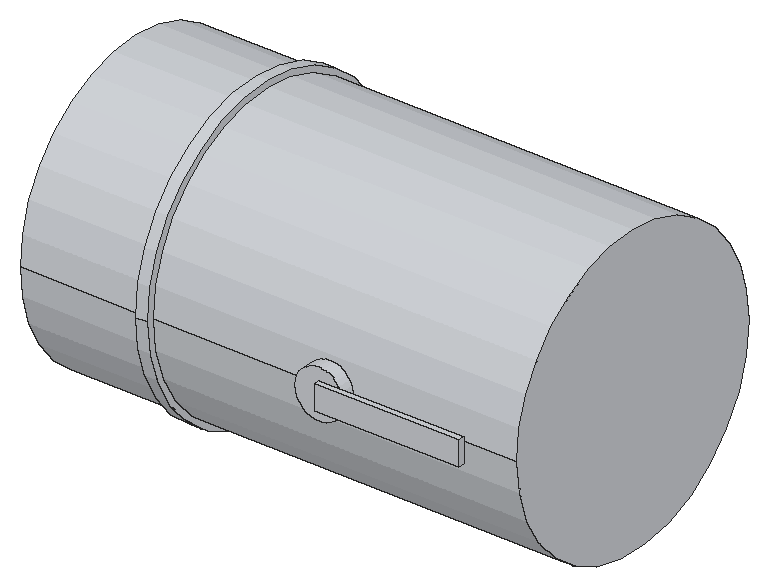
Revit family "1fe51097d43f478eba77d59183cfdf99", category Duct Fittings, Revit 2021
Family settings
  Round Connector Dimension = Use Radius
  Part Type = Tap - Adjustable
  OmniClass Number = 23.75.70.14
  OmniClass Title = Air Ductwork
  Seek Item ID = Round Takeoff with Damper-0000-USA-ENU
  Work Plane-Based = No
  Always vertical = Yes
  Cut with Voids When Loaded = No
  Shared = No
Parameters (values of type "Standard")
  built-in parameter 1114214 [instance] = 0' - 5"
  built-in parameter 1114213 [instance] = 1' - 3 5/8"
  built-in parameter 1114215 [instance] = if(Duct Diameter > 1' 4", Duct Diameter, 1' 3 5/8")  # 1.3021 (stored number, unit not read)
  Radius 2 [instance] = Handle Width  # 1"
  Radius 1 [instance] = Duct Radius + 0' 0 1/4"  # 6 1/4"
  Length 3 [instance] = Length 2 + Handle Height  # 6 3/4"
  Length 2 [instance] = Length 1 + Duct Radius  # 6 1/2"
  Length 1 [instance] = 1/2"
  Handle Width [instance] = 1"
  Handle Length [instance] = 6"
  Handle Height [instance] = 1/4"
  Stop Bead Thickness [instance] = 1/2"
  Stop Bead Radius [instance] = Duct Radius + Stop Bead Extension  # 6 1/4"
  Stop Bead Extension [instance] = 1/4"
  Duct Radius [instance] = 6"
  Duct Length 1 [instance] = Duct Radius + 0' 3"  # 9"
  Duct Diameter [instance] = Duct Radius * 2  # 12"
  Default Elevation = 0' - 0"
Reference planes (in)
  plane 1 "Center (Front/Back)": y = 0
  plane 2: z = 0
  plane 3 "Center (Left/Right)": x = 0
  plane 4: x = 15.625
  plane 5: x = -5
  plane 6: x = 7.8125
  plane 7: y = -6.75
Forms (in)
  Extrusion 1, solid, detail levels medium+fine
    sketch origin (0, 0, 0) x (0, 1, 0) y (0, 0, 1)
      loop
        circle (0, 0) r 6
    from 0 to 15.625
  Extrusion 2, solid, detail levels medium+fine
    sketch origin (-5, 62.97128, 48) x (0, 1, 0) y (0, 0, 1)
      loop
        circle (-62.97128, -48) r 6
    from 0 to 5
  Extrusion 3, solid, detail levels medium+fine
    sketch origin (0, 0, 0) x (0, 1, 0) y (0, 0, 1)
      loop
        circle (0, 0) r 6.25
    from 0 to 0.5
  Extrusion 4, solid, detail levels medium+fine
    sketch origin (0, 0, 0) x (1, 0, 0) y (0, 0, 1)
      loop
        circle (7.8125, 0) r 1
    from 6.5 to 0
  Extrusion 5, solid, detail levels medium+fine
    sketch origin (0, -6.5, 0) x (-1, 0, 0) y (0, 0, 1)
      loop
        line (-13.8125, 0.5) -> (-13.8125, -0.5) -> (-7.8125, -0.5) -> (-7.8125, 0.5) -> (-13.8125, 0.5)
    from 0 to -0.25
Cuts and joins
  joined: Extrusion 1, Extrusion 3, Extrusion 4
Lines and regions (in)
  model lines, not visible, detail levels coarse
    curve 1: line (0, 0, 0) -> (15.625, 0, 0)
  model lines, detail levels coarse
    curve 2: line (7.8125, -6.75, 0) -> (7.8125, 6, 0)
    curve 3: line (7.8125, -6.75, 0) -> (13.8125, -6.75, 0)
Dimensions and locks (in)
  "built-in parameter 1114214": plane 5 to plane 3 "Center (Left/Right)"
  "Stop Bead Thickness": plane 3 "Center (Left/Right)" to Extrusion 3
  equal spacing: Extrusion 5 sketch curve, plane 2, Extrusion 5 sketch curve
  "Handle Width": Extrusion 5 sketch curve to Extrusion 5 sketch curve
  "Handle Length": Extrusion 5 sketch curve to Extrusion 5 sketch curve
  "Length 3": plane 7 to plane 1 "Center (Front/Back)"
  "Duct Radius": plane 1 "Center (Front/Back)" to curve 2
  "Length 2": cut or joined group of Extrusion 1, Extrusion 3, Extrusion 4 to plane 1 "Center (Front/Back)"
  "Handle Height": Extrusion 5 to Extrusion 5
  "Handle Length": plane 6 to curve 3
  "built-in parameter 1114213": plane 3 "Center (Left/Right)" to plane 4
  equal spacing: plane 3 "Center (Left/Right)", plane 6, plane 4
  "Duct Radius": radius of Extrusion 1 sketch curve
  "Duct Radius": radius of Extrusion 2 sketch curve
  "Stop Bead Radius": radius of Extrusion 3 sketch curve
  "Radius 2": radius of Extrusion 4 sketch curve
  aligned and locked: plane 1 "Center (Front/Back)" to curve 1
  aligned and locked: plane 3 "Center (Left/Right)" to curve 1
  aligned and locked: plane 2 to Extrusion 1 sketch curve
  aligned and locked: plane 1 "Center (Front/Back)" to Extrusion 1 sketch curve
  aligned and locked: Extrusion 1 to plane 3 "Center (Left/Right)"
  aligned and locked: plane 2 to Extrusion 2 sketch curve
  aligned and locked: plane 1 "Center (Front/Back)" to Extrusion 2 sketch curve
  aligned and locked: plane 3 "Center (Left/Right)" to Extrusion 2
  aligned and locked: Extrusion 2 to plane 5
  aligned and locked: plane 1 "Center (Front/Back)" to Extrusion 3 sketch curve
  aligned and locked: plane 2 to Extrusion 3 sketch curve
  aligned and locked: Extrusion 3 to plane 3 "Center (Left/Right)"
  aligned and locked: plane 2 to Extrusion 4 sketch curve
  aligned and locked: plane 6 to Extrusion 4 sketch curve
  aligned and locked: plane 1 "Center (Front/Back)" to Extrusion 4
  aligned and locked: plane 6 to Extrusion 5 sketch curve
  aligned and locked: cut or joined group of Extrusion 1, Extrusion 3, Extrusion 4 to Extrusion 5
  aligned and locked: Extrusion 5 to plane 7
  aligned and locked: plane 6 to curve 3
  aligned and locked: plane 4 to Extrusion 1
  aligned and locked: plane 4 to curve 1
Automatic sketch dimensions
  curve 2 to plane 6 = 0' - 0"
  curve 2 to plane 7 = 0' - 0"
  curve 3 to level = 0' - 0"
  curve 3 to plane 6 = 0' - 0"
  curve 3 to plane 4 = 0' - 1 13/16"
Connectors (in)
  hvac at (0, 0, 0), driven by "Duct Radius"
    settings: on cut or joined group of Extrusion 1, Extrusion 3, Extrusion 4, index 1, duct flow 0 CFM, flow factor 0, pres drop 0.00 in-wg, loss coef 0, conn angle 0.00°, conn width 12", conn height 12", conn diameter 12", duct sys type 28, conn prof type 0, flow config 0, flow direction 0, loss method 0, conn ref index 2, conn util no, is conn primary yes, conn desc ""
  hvac at (15.625, 0, 0), driven by "Duct Radius"
    settings: on cut or joined group of Extrusion 1, Extrusion 3, Extrusion 4, index 2, duct flow 0 CFM, flow factor 0, pres drop 0.00 in-wg, loss coef 0, conn angle 0.00°, conn width 12", conn height 12", conn diameter 12", duct sys type 28, conn prof type 0, flow config 0, flow direction 0, loss method 0, conn ref index 1, conn util no, is conn primary no, conn desc ""
